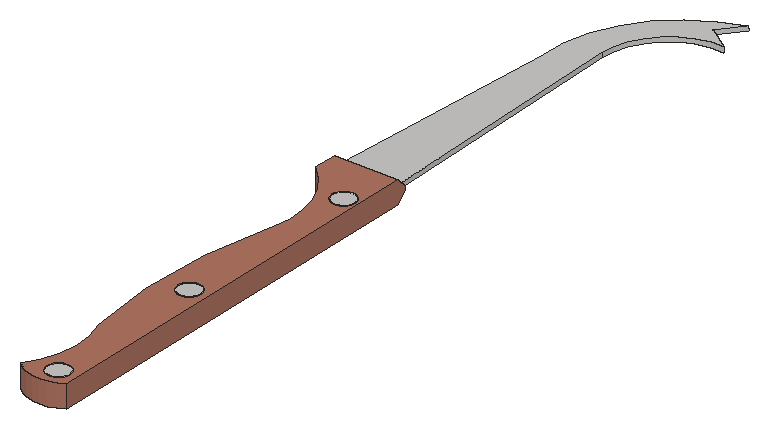
Revit family
Reference planes
  plane 1 "Center (Front/Back)": y = 0
  plane 2: z = 0
  plane 3 "Center (Left/Right)": x = 0
Forms (mm)
  Extrusion 1, solid, material "Wood - Handle"
    sketch origin (-95, -98.191, -0.1) x (1, 0, 0) y (0, 0.999999, 0.001602)
      loop
        arc (83.852, 96.651) -> (90.472, 87.339) -> (91.254, 75.94) r 21.056
        arc (91.254, 75.94) -> (87.64, 52.984) -> (89.215, 29.798) r 103.954
        arc (89.215, 29.798) -> (90.618, 20.052) -> (87.005, 10.892) r 19.198
        arc (87.005, 10.892) -> (92.237, 8.729) -> (97.684, 10.272) r 8.635
        line (97.684, 10.272) -> (97.684, 103.894) -> (83.852, 103.894) -> (83.852, 96.651)
    from 0 to 5
  Extrusion 2, solid, material "Metal - Cheese Knife"
    sketch origin (-95, -61.842, 4.958) x (1, 0, 0) y (0, 0.999999, 0.001602)
      loop
        circle (93.63, 12.966) r 2.484
    from -3 to 0
  Extrusion 3, solid, material "Metal - Cheese Knife"
    sketch origin (-95, -107.543, -0.365) x (1, 0, 0) y (0, 0.999999, 0.001602)
      loop
        line (96.462, 113.246) -> (95.16, 170.94)
        arc (95.16, 170.94) -> (99.584, 181.638) -> (110.461, 185.6) r 14.366
        line (110.461, 185.6) -> (105.172, 189.167) -> (109.069, 193.98)
        arc (109.069, 193.98) -> (93.077, 182.59) -> (87.63, 163.726) r 29.824
        line (87.63, 163.726) -> (84.274, 113.246) -> (96.462, 113.246)
    from 2.25 to 3.25
  Extrusion 4, void
    sketch origin (2.684, -88.546, -0.585) x (0, -0.999999, -0.001602) y (0, -0.001602, 0.999999)
      loop
        line (-94.25, 3.5) -> (-91.75, 6) -> (-94.25, 6) -> (-94.25, 3.5)
      loop
        line (-94.25, 0) -> (-91.75, 0) -> (-94.25, 2.5) -> (-94.25, 0)
    from 0 to 19.633
  Extrusion 5, void
    sketch origin (-95, -98.191, -0.1) x (1, 0, 0) y (0, 0.999999, 0.001602)
      loop
        circle (93.63, 49.322) r 2.484
      loop
        circle (93.63, 13.165) r 2.484
      loop
        circle (94.497, 90.911) r 2.484
    from 0 to 6
  Extrusion 6, solid, material "Metal - Cheese Knife"
    sketch origin (-95, -98.191, -0.1) x (-1, 0, 0) y (0, 0.999999, 0.001602)
      loop
        circle (-93.63, 13.165) r 2.484
      loop
        circle (-93.63, 49.322) r 2.484
      loop
        circle (-94.497, 90.911) r 2.484
    from -5 to 0
Cuts and joins
  Extrusion 4, Extrusion 5 cuts Extrusion 1
  Extrusion 4 cuts Extrusion 3
  Extrusion 5 cuts Extrusion 2
